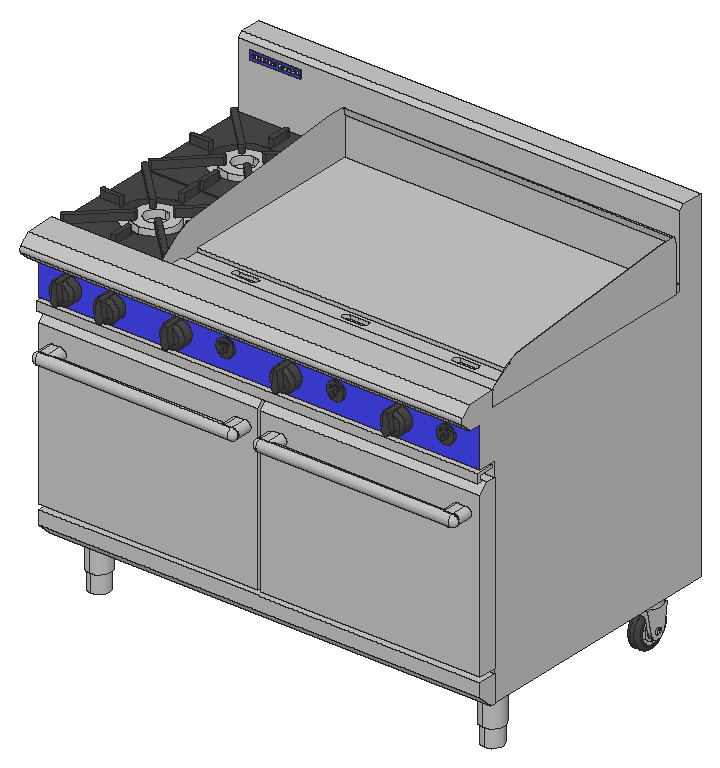
Revit family "QF_MOFFAT_BLUESEAL_CE_G528A", category Specialty Equipment, Revit 2012 (continued)
Definition of nested family "WALDORF LOGO_FACE BASE"
  Forms (mm)
    Extrusion 3, solid, material "QF_Finishes_White", visible <- "Show Logo"
      sketch origin (0, -33.217, 1.588) x (1, 0, 0) y (0, 1, 0)
        loop
          line (31.62, 25.919) -> (31.62, 17.163) -> (43.046, 17.163) -> (43.046, 19.129) -> (37.388, 19.129) -> (37.388, 25.919) -> (31.62, 25.919)
        loop
          line (15.969, 25.919) -> (15.969, 17.163) -> (28.693, 17.163)
          arc (28.693, 17.163) -> (29.812, 17.627) -> (30.276, 18.746) r 1.582
          line (30.276, 18.746) -> (30.276, 20.447) -> (29.48, 21.243) -> (30.276, 22.039) -> (30.276, 24.332)
          arc (30.276, 24.332) -> (29.811, 25.454) -> (28.688, 25.919) r 1.587
          line (28.688, 25.919) -> (15.969, 25.919)
        loop
          line (21.449, 24.159) -> (21.449, 22.436) -> (23.862, 22.436)
          arc (23.862, 22.436) -> (24.723, 23.298) -> (23.862, 24.159) r 0.861
          line (23.862, 24.159) -> (21.449, 24.159)
        loop
          line (21.449, 20.244) -> (21.449, 18.522) -> (23.862, 18.522)
          arc (23.862, 18.522) -> (24.723, 19.383) -> (23.862, 20.244) r 0.861
          line (23.862, 20.244) -> (21.449, 20.244)
      from 0 to 0.2
    Extrusion 4, solid, material "QF_Finishes_Blue", visible <- "Show Logo"
      sketch origin (-126.498, -31.09, 1.588) x (1, 0, 0) y (0, 1, 0)
        loop
          line (136.738, 23.522) -> (136.738, 15.1)
          arc (136.738, 15.1) -> (140.756, 19.311) -> (136.738, 23.522) r 4.216
      from 0 to 0.2
    Extrusion 5, solid, material "QF_Finishes_Red", visible <- "Show Logo"
      sketch origin (146.849, -31.09, 1.588) x (-1, 0, 0) y (0, -1, 0)
        loop
          arc (136.738, -23.522) -> (140.756, -19.311) -> (136.738, -15.1) r 4.216
          line (136.738, -15.1) -> (136.738, -23.522)
      from 0 to 0.2
  Lines and regions (mm)
    Split face 1
      outline origin (-90.35, -30.793, 1.588) x (1, 0, 0) y (0, 1, 0)
        loop
          circle (100.54, 19.013) r 4.536
  Dimensions and locks
    aligned and locked: plane 2 to Extrusion 1
    aligned and locked: level to Extrusion 1
Definition of nested family "GAS BURNER 300 & GRIDDLE 900"
  Parameters (values of type "GAS BURNER 300 & GRIDDLE 900")
    Width [instance] = 1200 mm
    Weight in Pounds = 0
    URL Cutsheet = ""
    Type Mark [instance] = ""
    Status [instance] = ""
    Specification by User [instance] = ""
    Specification by Manufacturer = ""
    Serial Number = ""
    Seismic Rating = ""
    SMACNA No = ""
    Revision Code [instance] = ""
    Omniclass Number and Title = ""
    NAFEM Spec ID Number = ""
    Masterspec = ""
    Item Number [instance] = ""
    Installed By [instance] = ""
    Identify Quantity as Lot [instance] = yes
    Furnished By [instance] = ""
    Foodservice Equipment Identifier [instance] = yes
    Depth [instance] = 635 mm
    CSI MasterFormat = ""
    CSI Master Format = ""
  Reference planes
    plane 1 "BACK": y = 0
    plane 2: z = 0
    plane 3 "LEFT": x = 0
    plane 4 "RIGHT": x = 1200
    plane 5 "FRONT": y = -635
    plane 6 "TOP": z = 142.5
    plane 7 "Center Y": x = 600
    plane 8 "Center X": y = -317.5
  Dimensions and locks
    equal spacing: plane 3 "LEFT", plane 7 "Center Y", plane 4 "RIGHT"
    "Width": plane 3 "LEFT" to plane 4 "RIGHT"
    equal spacing: plane 5 "FRONT", plane 8 "Center X", plane 1 "BACK"
    "Depth": plane 5 "FRONT" to plane 1 "BACK"
    aligned and locked: level to plane 2
  Nested families
    nested 1: "GAS BURNER 300 & GRIDDLE 600" at (-1, 0, 0), type "GAS BURNER 300 & GRIDDLE 600"
      with Width 300 mm, Type Mark "", Status "", Specification by User "", Revision Code "", Item Number "", Installed By "", Identify Quantity as Lot yes, Furnished By "", Foodservice Equipment Identifier yes, Depth 635 mm
    nested 2: "GAS GRIDDLE PLATE 900" at (300, -15, 0), type "GAS GRIDDLE PLATE 900"
      with Width 900 mm, Type Mark "", Status "", Specification by User "", Revision Code "", Item Number "", Installed By "", Identify Quantity as Lot yes, Furnished By "", Foodservice Equipment Identifier yes, Depth 620 mm
  Definition of nested family "GAS BURNER 300 & GRIDDLE 600"
    Parameters (values of type "GAS BURNER 300 & GRIDDLE 600")
      Width [instance] = 300 mm
      Weight in Pounds = 0
      URL Cutsheet = ""
      Type Mark [instance] = ""
      Status [instance] = ""
      Specification by User [instance] = ""
      Specification by Manufacturer = ""
      Serial Number = ""
      Seismic Rating = ""
      SMACNA No = ""
      Revision Code [instance] = ""
      Omniclass Number and Title = ""
      NAFEM Spec ID Number = ""
      Masterspec = ""
      Item Number [instance] = ""
      Installed By [instance] = ""
      Identify Quantity as Lot [instance] = yes
      Furnished By [instance] = ""
      Foodservice Equipment Identifier [instance] = yes
      Depth [instance] = 635 mm
      CSI MasterFormat = ""
      CSI Master Format = ""
    Reference planes
      plane 1 "BACK": y = 0
      plane 2: z = 0
      plane 3 "LEFT": x = 0
      plane 4 "RIGHT": x = 300
      plane 5 "FRONT": y = -635
      plane 6 "TOP": z = 142.5
      plane 7 "Center Y": x = 150
      plane 8 "Center X": y = -317.5
    Forms (mm)
      Extrusion 1, solid, material "QF_Finishes_Black"
        sketch origin (0, 0, 0) x (0, -1, 0) y (1, 0, 0)
          loop
            line (318.5, 4) -> (318.5, 296)
            arc (318.5, 296) -> (317.621, 298.121) -> (315.5, 299) r 3
            line (315.5, 299) -> (3, 299)
            arc (3, 299) -> (0.879, 298.121) -> (0, 296) r 3
            line (0, 296) -> (0, 4)
            arc (0, 4) -> (0.879, 1.879) -> (3, 1) r 3
            line (3, 1) -> (315.5, 1)
            arc (315.5, 1) -> (317.621, 1.879) -> (318.5, 4) r 3
          loop
            line (324.5, 1) -> (632, 1)
            arc (632, 1) -> (634.121, 1.879) -> (635, 4) r 3
            line (635, 4) -> (635, 296)
            arc (635, 296) -> (634.121, 298.121) -> (632, 299) r 3
            line (632, 299) -> (324.5, 299)
            arc (324.5, 299) -> (322.379, 298.121) -> (321.5, 296) r 3
            line (321.5, 296) -> (321.5, 4)
            arc (321.5, 4) -> (322.379, 1.879) -> (324.5, 1) r 3
          loop
            circle (168.5, 149.991) r 84.082
          loop
            circle (468.5, 149.991) r 84.082
        from 0 to 19.5
      Extrusion 2, solid, material "QF_Finishes_Black"
        sketch origin (0, 0, 19.5) x (0, -1, 0) y (1, 0, 0)
          loop
            spline (326.102, 15.153) -> (325.181, 13.924) -> (324.631, 12.47) -> (324.49, 10.89) -> (324.767, 9.292) -> (325.443, 7.786) -> (326.473, 6.473) -> (327.786, 5.443) -> (329.292, 4.767) -> (330.89, 4.49) -> (332.47, 4.631) -> (333.924, 5.181) -> (335.153, 6.102)
            line (335.153, 6.102) -> (443.076, 114.025)
            spline (443.076, 114.025) -> (443.837, 115.095) -> (444.238, 116.399) -> (444.251, 117.851) -> (443.875, 119.35) -> (443.137, 120.795) -> (442.086, 122.086) -> (440.795, 123.137) -> (439.35, 123.875) -> (437.851, 124.251) -> (436.399, 124.238) -> (435.095, 123.837) -> (434.025, 123.076)
            line (434.025, 123.076) -> (326.102, 15.153)
          loop
            spline (328.898, 156.4) -> (327.604, 156.182) -> (326.398, 155.543) -> (325.362, 154.525) -> (324.568, 153.2) -> (324.068, 151.656) -> (323.898, 150) -> (324.068, 148.344) -> (324.568, 146.8) -> (325.362, 145.475) -> (326.398, 144.457) -> (327.604, 143.818) -> (328.898, 143.6)
            line (328.898, 143.6) -> (378.102, 143.6)
            spline (378.102, 143.6) -> (379.396, 143.818) -> (380.602, 144.457) -> (381.638, 145.475) -> (382.432, 146.8) -> (382.932, 148.344) -> (383.102, 150) -> (382.932, 151.656) -> (382.432, 153.2) -> (381.638, 154.525) -> (380.602, 155.543) -> (379.396, 156.182) -> (378.102, 156.4)
            line (378.102, 156.4) -> (328.898, 156.4)
          loop
            spline (335.153, 293.898) -> (334.084, 294.659) -> (332.779, 295.059) -> (331.328, 295.072) -> (329.829, 294.697) -> (328.384, 293.959) -> (327.092, 292.908) -> (326.041, 291.616) -> (325.303, 290.171) -> (324.928, 288.672) -> (324.941, 287.221) -> (325.341, 285.916) -> (326.102, 284.847)
            line (326.102, 284.847) -> (434.025, 176.924)
            spline (434.025, 176.924) -> (435.095, 176.163) -> (436.399, 175.762) -> (437.851, 175.749) -> (439.35, 176.125) -> (440.795, 176.863) -> (442.086, 177.914) -> (443.137, 179.205) -> (443.875, 180.65) -> (444.251, 182.149) -> (444.238, 183.601) -> (443.837, 184.905) -> (443.076, 185.975)
            line (443.076, 185.975) -> (335.153, 293.898)
          loop
            line (463.6, 291.102) -> (463.6, 241.898)
            spline (463.6, 241.898) -> (463.818, 240.604) -> (464.457, 239.398) -> (465.475, 238.362) -> (466.8, 237.568) -> (468.344, 237.068) -> (470, 236.898) -> (471.656, 237.068) -> (473.2, 237.568) -> (474.525, 238.362) -> (475.543, 239.398) -> (476.182, 240.604) -> (476.4, 241.898)
            line (476.4, 241.898) -> (476.4, 291.102)
            spline (476.4, 291.102) -> (476.182, 292.396) -> (475.543, 293.602) -> (474.525, 294.638) -> (473.2, 295.432) -> (471.656, 295.932) -> (470, 296.102) -> (468.344, 295.932) -> (466.8, 295.432) -> (465.475, 294.638) -> (464.457, 293.602) -> (463.818, 292.396) -> (463.6, 291.102)
          loop
            spline (612.398, 284.847) -> (613.159, 285.916) -> (613.559, 287.221) -> (613.572, 288.672) -> (613.197, 290.171) -> (612.459, 291.616) -> (611.408, 292.908) -> (610.116, 293.959) -> (608.671, 294.697) -> (607.172, 295.072) -> (605.721, 295.059) -> (604.416, 294.659) -> (603.347, 293.898)
            line (603.347, 293.898) -> (496.924, 185.975)
            spline (496.924, 185.975) -> (496.163, 184.905) -> (495.762, 183.601) -> (495.749, 182.149) -> (496.125, 180.65) -> (496.863, 179.205) -> (497.914, 177.914) -> (499.205, 176.863) -> (500.65, 176.125) -> (502.149, 175.749) -> (503.601, 175.762) -> (504.905, 176.163) -> (505.975, 176.924)
            line (505.975, 176.924) -> (612.398, 284.847)
          loop
            spline (609.602, 143.6) -> (610.896, 143.818) -> (612.102, 144.457) -> (613.138, 145.475) -> (613.932, 146.8) -> (614.432, 148.344) -> (614.602, 150) -> (614.432, 151.656) -> (613.932, 153.2) -> (613.138, 154.525) -> (612.102, 155.543) -> (610.896, 156.182) -> (609.602, 156.4)
            line (609.602, 156.4) -> (561.898, 156.4)
            spline (561.898, 156.4) -> (560.604, 156.182) -> (559.398, 155.543) -> (558.362, 154.525) -> (557.568, 153.2) -> (557.068, 151.656) -> (556.898, 150) -> (557.068, 148.344) -> (557.568, 146.8) -> (558.362, 145.475) -> (559.398, 144.457) -> (560.604, 143.818) -> (561.898, 143.6)
            line (561.898, 143.6) -> (609.602, 143.6)
          loop
            line (612.398, 15.153) -> (505.975, 123.076)
            spline (505.975, 123.076) -> (504.905, 123.837) -> (503.601, 124.238) -> (502.149, 124.251) -> (500.65, 123.875) -> (499.205, 123.137) -> (497.914, 122.086) -> (496.863, 120.795) -> (496.125, 119.35) -> (495.749, 117.851) -> (495.762, 116.399) -> (496.163, 115.095) -> (496.924, 114.025)
            line (496.924, 114.025) -> (603.347, 6.102)
            spline (603.347, 6.102) -> (604.416, 5.341) -> (605.721, 4.941) -> (607.172, 4.928) -> (608.671, 5.303) -> (610.116, 6.041) -> (611.408, 7.092) -> (612.459, 8.384) -> (613.197, 9.829) -> (613.572, 11.328) -> (613.559, 12.779) -> (613.159, 14.084) -> (612.398, 15.153)
          loop
            line (476.4, 8.898) -> (476.4, 58.102)
            spline (476.4, 58.102) -> (476.182, 59.396) -> (475.543, 60.602) -> (474.525, 61.638) -> (473.2, 62.432) -> (471.656, 62.932) -> (470, 63.102) -> (468.344, 62.932) -> (466.8, 62.432) -> (465.475, 61.638) -> (464.457, 60.602) -> (463.818, 59.396) -> (463.6, 58.102)
            line (463.6, 58.102) -> (463.6, 8.898)
            spline (463.6, 8.898) -> (463.818, 7.604) -> (464.457, 6.398) -> (465.475, 5.362) -> (466.8, 4.568) -> (468.344, 4.068) -> (470, 3.898) -> (471.656, 4.068) -> (473.2, 4.568) -> (474.525, 5.362) -> (475.543, 6.398) -> (476.182, 7.604) -> (476.4, 8.898)
          loop
            spline (22.602, 15.153) -> (21.681, 13.924) -> (21.131, 12.47) -> (20.99, 10.89) -> (21.267, 9.292) -> (21.943, 7.786) -> (22.973, 6.473) -> (24.286, 5.443) -> (25.792, 4.767) -> (27.39, 4.49) -> (28.97, 4.631) -> (30.424, 5.181) -> (31.653, 6.102)
            line (31.653, 6.102) -> (139.576, 114.025)
            spline (139.576, 114.025) -> (140.337, 115.095) -> (140.738, 116.399) -> (140.751, 117.851) -> (140.375, 119.35) -> (139.637, 120.795) -> (138.586, 122.086) -> (137.295, 123.137) -> (135.85, 123.875) -> (134.351, 124.251) -> (132.899, 124.238) -> (131.595, 123.837) -> (130.525, 123.076)
            line (130.525, 123.076) -> (22.602, 15.153)
          loop
            spline (25.398, 156.4) -> (24.104, 156.182) -> (22.898, 155.543) -> (21.862, 154.525) -> (21.068, 153.2) -> (20.568, 151.656) -> (20.398, 150) -> (20.568, 148.344) -> (21.068, 146.8) -> (21.862, 145.475) -> (22.898, 144.457) -> (24.104, 143.818) -> (25.398, 143.6)
            line (25.398, 143.6) -> (74.602, 143.6)
            spline (74.602, 143.6) -> (75.896, 143.818) -> (77.102, 144.457) -> (78.138, 145.475) -> (78.932, 146.8) -> (79.432, 148.344) -> (79.602, 150) -> (79.432, 151.656) -> (78.932, 153.2) -> (78.138, 154.525) -> (77.102, 155.543) -> (75.896, 156.182) -> (74.602, 156.4)
            line (74.602, 156.4) -> (25.398, 156.4)
          loop
            spline (31.653, 293.898) -> (30.584, 294.659) -> (29.279, 295.059) -> (27.828, 295.072) -> (26.329, 294.697) -> (24.884, 293.959) -> (23.592, 292.908) -> (22.541, 291.616) -> (21.803, 290.171) -> (21.428, 288.672) -> (21.441, 287.221) -> (21.841, 285.916) -> (22.602, 284.847)
            line (22.602, 284.847) -> (130.525, 176.924)
            spline (130.525, 176.924) -> (131.595, 176.163) -> (132.899, 175.762) -> (134.351, 175.749) -> (135.85, 176.125) -> (137.295, 176.863) -> (138.586, 177.914) -> (139.637, 179.205) -> (140.375, 180.65) -> (140.751, 182.149) -> (140.738, 183.601) -> (140.337, 184.905) -> (139.576, 185.975)
            line (139.576, 185.975) -> (31.653, 293.898)
          loop
            line (160.1, 291.102) -> (160.1, 241.898)
            spline (160.1, 241.898) -> (160.318, 240.604) -> (160.957, 239.398) -> (161.975, 238.362) -> (163.3, 237.568) -> (164.844, 237.068) -> (166.5, 236.898) -> (168.156, 237.068) -> (169.7, 237.568) -> (171.025, 238.362) -> (172.043, 239.398) -> (172.682, 240.604) -> (172.9, 241.898)
            line (172.9, 241.898) -> (172.9, 291.102)
            spline (172.9, 291.102) -> (172.682, 292.396) -> (172.043, 293.602) -> (171.025, 294.638) -> (169.7, 295.432) -> (168.156, 295.932) -> (166.5, 296.102) -> (164.844, 295.932) -> (163.3, 295.432) -> (161.975, 294.638) -> (160.957, 293.602) -> (160.318, 292.396) -> (160.1, 291.102)
          loop
            spline (313.898, 284.847) -> (314.659, 285.916) -> (315.059, 287.221) -> (315.072, 288.672) -> (314.697, 290.171) -> (313.959, 291.616) -> (312.908, 292.908) -> (311.616, 293.959) -> (310.171, 294.697) -> (308.672, 295.072) -> (307.221, 295.059) -> (305.916, 294.659) -> (304.847, 293.898)
            line (304.847, 293.898) -> (193.424, 185.975)
            spline (193.424, 185.975) -> (192.663, 184.905) -> (192.262, 183.601) -> (192.249, 182.149) -> (192.625, 180.65) -> (193.363, 179.205) -> (194.414, 177.914) -> (195.705, 176.863) -> (197.15, 176.125) -> (198.649, 175.749) -> (200.101, 175.762) -> (201.405, 176.163) -> (202.475, 176.924)
            line (202.475, 176.924) -> (313.898, 284.847)
          loop
            spline (311.102, 143.6) -> (312.396, 143.818) -> (313.602, 144.457) -> (314.638, 145.475) -> (315.432, 146.8) -> (315.932, 148.344) -> (316.102, 150) -> (315.932, 151.656) -> (315.432, 153.2) -> (314.638, 154.525) -> (313.602, 155.543) -> (312.396, 156.182) -> (311.102, 156.4)
            line (311.102, 156.4) -> (261.898, 156.4)
            spline (261.898, 156.4) -> (260.604, 156.182) -> (259.398, 155.543) -> (258.362, 154.525) -> (257.568, 153.2) -> (257.068, 151.656) -> (256.898, 150) -> (257.068, 148.344) -> (257.568, 146.8) -> (258.362, 145.475) -> (259.398, 144.457) -> (260.604, 143.818) -> (261.898, 143.6)
            line (261.898, 143.6) -> (311.102, 143.6)
          loop
            line (313.898, 15.153) -> (202.475, 123.076)
            spline (202.475, 123.076) -> (201.405, 123.837) -> (200.101, 124.238) -> (198.649, 124.251) -> (197.15, 123.875) -> (195.705, 123.137) -> (194.414, 122.086) -> (193.363, 120.795) -> (192.625, 119.35) -> (192.249, 117.851) -> (192.262, 116.399) -> (192.663, 115.095) -> (193.424, 114.025)
            line (193.424, 114.025) -> (304.847, 6.102)
            spline (304.847, 6.102) -> (305.916, 5.341) -> (307.221, 4.941) -> (308.672, 4.928) -> (310.171, 5.303) -> (311.616, 6.041) -> (312.908, 7.092) -> (313.959, 8.384) -> (314.697, 9.829) -> (315.072, 11.328) -> (315.059, 12.779) -> (314.659, 14.084) -> (313.898, 15.153)
          loop
            line (172.9, 8.898) -> (172.9, 58.102)
            spline (172.9, 58.102) -> (172.682, 59.396) -> (172.043, 60.602) -> (171.025, 61.638) -> (169.7, 62.432) -> (168.156, 62.932) -> (166.5, 63.102) -> (164.844, 62.932) -> (163.3, 62.432) -> (161.975, 61.638) -> (160.957, 60.602) -> (160.318, 59.396) -> (160.1, 58.102)
            line (160.1, 58.102) -> (160.1, 8.898)
            spline (160.1, 8.898) -> (160.318, 7.604) -> (160.957, 6.398) -> (161.975, 5.362) -> (163.3, 4.568) -> (164.844, 4.068) -> (166.5, 3.898) -> (168.156, 4.068) -> (169.7, 4.568) -> (171.025, 5.362) -> (172.043, 6.398) -> (172.682, 7.604) -> (172.9, 8.898)
        from 0 to 20.5
      Extrusion 3, solid, material "QF_Finishes_Stainless Steel"
        sketch origin (0, -15.098, 0) x (0, -1, 0) y (1, 0, 0)
          loop
            circle (151.402, 150) r 57
          loop
            circle (451.402, 150) r 57
          loop
            circle (151.402, 150) r 30
          loop
            circle (451.402, 150) r 30
        from 0 to 20
    Lines and regions (mm)
      symbolic lines
        curve 1: line (284.847, -22.602, 0) -> (176.924, -130.525, 0)
        curve 2: spline (176.924, -130.525, 0) -> (176.163, -131.595, 0) -> (175.762, -132.899, 0) -> (175.749, -134.351, 0) -> (176.125, -135.85, 0) -> (176.863, -137.295, 0) -> (177.914, -138.586, 0) -> (179.205, -139.637, 0) -> (180.65, -140.375, 0) -> (182.149, -140.751, 0) -> (183.601, -140.738, 0) -> (184.905, -140.337, 0) -> (185.975, -139.576, 0)
        curve 3: line (185.975, -139.576, 0) -> (293.898, -31.653, 0)
        curve 4: spline (293.898, -31.653, 0) -> (294.659, -30.584, 0) -> (295.059, -29.279, 0) -> (295.072, -27.828, 0) -> (294.697, -26.329, 0) -> (293.959, -24.884, 0) -> (292.908, -23.592, 0) -> (291.616, -22.541, 0) -> (290.171, -21.803, 0) -> (288.672, -21.428, 0) -> (287.221, -21.441, 0) -> (285.916, -21.841, 0) -> (284.847, -22.602, 0)
        curve 5: line (291.102, -160.1, 0) -> (241.898, -160.1, 0)
        curve 6: spline (241.898, -160.1, 0) -> (240.604, -160.318, 0) -> (239.398, -160.957, 0) -> (238.362, -161.975, 0) -> (237.568, -163.3, 0) -> (237.068, -164.844, 0) -> (236.898, -166.5, 0) -> (237.068, -168.156, 0) -> (237.568, -169.7, 0) -> (238.362, -171.025, 0) -> (239.398, -172.043, 0) -> (240.604, -172.682, 0) -> (241.898, -172.9, 0)
        curve 7: line (241.898, -172.9, 0) -> (291.102, -172.9, 0)
        curve 8: arc (150, -223.5, 0) -> (168.725, -220.336, 0) -> (185.372, -211.197, 0) r 57
        curve 9: arc (150, -109.5, 0) -> (131.183, -112.696, 0) -> (114.475, -121.924, 0) r 57
        curve 10: arc (149.991, -84.418, 0) -> (178.523, -89.406, 0) -> (203.668, -103.781, 0) r 84.082
        curve 11: arc (149.991, -252.582, 0) -> (120.441, -247.219, 0) -> (94.661, -231.812, 0) r 84.082
        curve 12: line (156.4, -74.602, 0) -> (156.4, -25.398, 0)
        curve 13: spline (156.4, -25.398, 0) -> (156.182, -24.104, 0) -> (155.543, -22.898, 0) -> (154.525, -21.862, 0) -> (153.2, -21.068, 0) -> (151.656, -20.568, 0) -> (150, -20.398, 0) -> (148.344, -20.568, 0) -> (146.8, -21.068, 0) -> (145.475, -21.862, 0) -> (144.457, -22.898, 0) -> (143.818, -24.104, 0) -> (143.6, -25.398, 0)
        curve 14: line (143.6, -25.398, 0) -> (143.6, -74.602, 0)
        curve 15: spline (143.6, -74.602, 0) -> (143.818, -75.896, 0) -> (144.457, -77.102, 0) -> (145.475, -78.138, 0) -> (146.8, -78.932, 0) -> (148.344, -79.432, 0) -> (150, -79.602, 0) -> (151.656, -79.432, 0) -> (153.2, -78.932, 0) -> (154.525, -78.138, 0) -> (155.543, -77.102, 0) -> (156.182, -75.896, 0) -> (156.4, -74.602, 0)
        curve 16: line (296, 0, 0) -> (4, 0, 0)
        curve 17: arc (4, 0, 0) -> (1.879, -0.879, 0) -> (1, -3, 0) r 3
        curve 18: line (1, -3, 0) -> (1, -315.5, 0)
        curve 19: arc (1, -315.5, 0) -> (1.879, -317.621, 0) -> (4, -318.5, 0) r 3
        curve 20: line (4, -318.5, 0) -> (296, -318.5, 0)
        curve 21: line (296, -321.5, 0) -> (4, -321.5, 0)
        curve 22: arc (4, -321.5, 0) -> (1.879, -322.379, 0) -> (1, -324.5, 0) r 3
        curve 23: line (1, -324.5, 0) -> (1, -632, 0)
        curve 24: arc (1, -632, 0) -> (1.879, -634.121, 0) -> (4, -635, 0) r 3
        curve 25: line (4, -635, 0) -> (296, -635, 0)
        curve 26: line (293.898, -304.847, 0) -> (185.975, -193.424, 0)
        curve 27: spline (185.975, -193.424, 0) -> (184.905, -192.663, 0) -> (183.601, -192.262, 0) -> (182.149, -192.249, 0) -> (180.65, -192.625, 0) -> (179.205, -193.363, 0) -> (177.914, -194.414, 0) -> (176.863, -195.705, 0) -> (176.125, -197.15, 0) -> (175.749, -198.649, 0) -> (175.762, -200.101, 0) -> (176.163, -201.405, 0) -> (176.924, -202.475, 0)
        curve 28: line (176.924, -202.475, 0) -> (284.847, -313.898, 0)
        curve 29: spline (284.847, -313.898, 0) -> (285.916, -314.659, 0) -> (287.221, -315.059, 0) -> (288.672, -315.072, 0) -> (290.171, -314.697, 0) -> (291.616, -313.959, 0) -> (292.908, -312.908, 0) -> (293.959, -311.616, 0) -> (294.697, -310.171, 0) -> (295.072, -308.672, 0) -> (295.059, -307.221, 0) -> (294.659, -305.916, 0) -> (293.898, -304.847, 0)
        curve 30: line (15.153, -313.898, 0) -> (123.076, -202.475, 0)
        curve 31: spline (123.076, -202.475, 0) -> (123.837, -201.405, 0) -> (124.238, -200.101, 0) -> (124.251, -198.649, 0) -> (123.875, -197.15, 0) -> (123.137, -195.705, 0) -> (122.086, -194.414, 0) -> (120.795, -193.363, 0) -> (119.35, -192.625, 0) -> (117.851, -192.249, 0) -> (116.399, -192.262, 0) -> (115.095, -192.663, 0) -> (114.025, -193.424, 0)
        curve 32: line (114.025, -193.424, 0) -> (6.102, -304.847, 0)
        curve 33: spline (6.102, -304.847, 0) -> (5.341, -305.916, 0) -> (4.941, -307.221, 0) -> (4.928, -308.672, 0) -> (5.303, -310.171, 0) -> (6.041, -311.616, 0) -> (7.092, -312.908, 0) -> (8.384, -313.959, 0) -> (9.829, -314.697, 0) -> (11.328, -315.072, 0) -> (12.779, -315.059, 0) -> (14.084, -314.659, 0) -> (15.153, -313.898, 0)
        curve 34: line (8.898, -172.9, 0) -> (58.102, -172.9, 0)
        curve 35: spline (58.102, -172.9, 0) -> (59.396, -172.682, 0) -> (60.602, -172.043, 0) -> (61.638, -171.025, 0) -> (62.432, -169.7, 0) -> (62.932, -168.156, 0) -> (63.102, -166.5, 0) -> (62.932, -164.844, 0) -> (62.432, -163.3, 0) -> (61.638, -161.975, 0) -> (60.602, -160.957, 0) -> (59.396, -160.318, 0) -> (58.102, -160.1, 0)
        curve 36: line (58.102, -160.1, 0) -> (8.898, -160.1, 0)
        curve 37: spline (8.898, -160.1, 0) -> (7.604, -160.318, 0) -> (6.398, -160.957, 0) -> (5.362, -161.975, 0) -> (4.568, -163.3, 0) -> (4.068, -164.844, 0) -> (3.898, -166.5, 0) -> (4.068, -168.156, 0) -> (4.568, -169.7, 0) -> (5.362, -171.025, 0) -> (6.398, -172.043, 0) -> (7.604, -172.682, 0) -> (8.898, -172.9, 0)
        curve 38: line (6.102, -31.653, 0) -> (114.025, -139.576, 0)
        curve 39: spline (114.025, -139.576, 0) -> (115.095, -140.337, 0) -> (116.399, -140.738, 0) -> (117.851, -140.751, 0) -> (119.35, -140.375, 0) -> (120.795, -139.637, 0) -> (122.086, -138.586, 0) -> (123.137, -137.295, 0) -> (123.875, -135.85, 0) -> (124.251, -134.351, 0) -> (124.238, -132.899, 0) -> (123.837, -131.595, 0) -> (123.076, -130.525, 0)
        curve 40: line (123.076, -130.525, 0) -> (15.153, -22.602, 0)
        curve 41: spline (15.153, -22.602, 0) -> (13.924, -21.681, 0) -> (12.47, -21.131, 0) -> (10.89, -20.99, 0) -> (9.292, -21.267, 0) -> (7.786, -21.943, 0) -> (6.473, -22.973, 0) -> (5.443, -24.286, 0) -> (4.767, -25.792, 0) -> (4.49, -27.39, 0) -> (4.631, -28.97, 0) -> (5.181, -30.424, 0) -> (6.102, -31.653, 0)
        curve 42: arc (150, -136.5, 0) -> (180, -166.5, 0) -> (150, -196.5, 0) r 30
        curve 43: arc (150, -196.5, 0) -> (120, -166.5, 0) -> (150, -136.5, 0) r 30
        curve 44: line (156.4, -311.102, 0) -> (156.4, -261.898, 0)
        curve 45: spline (156.4, -261.898, 0) -> (156.182, -260.604, 0) -> (155.543, -259.398, 0) -> (154.525, -258.362, 0) -> (153.2, -257.568, 0) -> (151.656, -257.068, 0) -> (150, -256.898, 0) -> (148.344, -257.068, 0) -> (146.8, -257.568, 0) -> (145.475, -258.362, 0) -> (144.457, -259.398, 0) -> (143.818, -260.604, 0) -> (143.6, -261.898, 0)
        curve 46: line (143.6, -261.898, 0) -> (143.6, -311.102, 0)
        curve 47: spline (143.6, -311.102, 0) -> (143.818, -312.396, 0) -> (144.457, -313.602, 0) -> (145.475, -314.638, 0) -> (146.8, -315.432, 0) -> (148.344, -315.932, 0) -> (150, -316.102, 0) -> (151.656, -315.932, 0) -> (153.2, -315.432, 0) -> (154.525, -314.638, 0) -> (155.543, -313.602, 0) -> (156.182, -312.396, 0) -> (156.4, -311.102, 0)
        curve 48: line (156.4, -378.102, 0) -> (156.4, -328.898, 0)
        curve 49: spline (156.4, -328.898, 0) -> (156.182, -327.604, 0) -> (155.543, -326.398, 0) -> (154.525, -325.362, 0) -> (153.2, -324.568, 0) -> (151.656, -324.068, 0) -> (150, -323.898, 0) -> (148.344, -324.068, 0) -> (146.8, -324.568, 0) -> (145.475, -325.362, 0) -> (144.457, -326.398, 0) -> (143.818, -327.604, 0) -> (143.6, -328.898, 0)
        curve 50: line (143.6, -328.898, 0) -> (143.6, -378.102, 0)
        curve 51: spline (143.6, -378.102, 0) -> (143.818, -379.396, 0) -> (144.457, -380.602, 0) -> (145.475, -381.638, 0) -> (146.8, -382.432, 0) -> (148.344, -382.932, 0) -> (150, -383.102, 0) -> (151.656, -382.932, 0) -> (153.2, -382.432, 0) -> (154.525, -381.638, 0) -> (155.543, -380.602, 0) -> (156.182, -379.396, 0) -> (156.4, -378.102, 0)
        curve 52: line (284.847, -326.102, 0) -> (176.924, -434.025, 0)
        curve 53: spline (176.924, -434.025, 0) -> (176.163, -435.095, 0) -> (175.762, -436.399, 0) -> (175.749, -437.851, 0) -> (176.125, -439.35, 0) -> (176.863, -440.795, 0) -> (177.914, -442.086, 0) -> (179.205, -443.137, 0) -> (180.65, -443.875, 0) -> (182.149, -444.251, 0) -> (183.601, -444.238, 0) -> (184.905, -443.837, 0) -> (185.975, -443.076, 0)
        curve 54: line (185.975, -443.076, 0) -> (293.898, -335.153, 0)
        curve 55: spline (293.898, -335.153, 0) -> (294.659, -334.084, 0) -> (295.059, -332.779, 0) -> (295.072, -331.328, 0) -> (294.697, -329.829, 0) -> (293.959, -328.384, 0) -> (292.908, -327.092, 0) -> (291.616, -326.041, 0) -> (290.171, -325.303, 0) -> (288.672, -324.928, 0) -> (287.221, -324.941, 0) -> (285.916, -325.341, 0) -> (284.847, -326.102, 0)
        curve 56: line (123.076, -434.025, 0) -> (15.153, -326.102, 0)
        curve 57: spline (15.153, -326.102, 0) -> (13.924, -325.181, 0) -> (12.47, -324.631, 0) -> (10.89, -324.49, 0) -> (9.292, -324.767, 0) -> (7.786, -325.443, 0) -> (6.473, -326.473, 0) -> (5.443, -327.786, 0) -> (4.767, -329.292, 0) -> (4.49, -330.89, 0) -> (4.631, -332.47, 0) -> (5.181, -333.924, 0) -> (6.102, -335.153, 0)
        curve 58: line (6.102, -335.153, 0) -> (114.025, -443.076, 0)
        curve 59: spline (114.025, -443.076, 0) -> (115.095, -443.837, 0) -> (116.399, -444.238, 0) -> (117.851, -444.251, 0) -> (119.35, -443.875, 0) -> (120.795, -443.137, 0) -> (122.086, -442.086, 0) -> (123.137, -440.795, 0) -> (123.875, -439.35, 0) -> (124.251, -437.851, 0) -> (124.238, -436.399, 0) -> (123.837, -435.095, 0) -> (123.076, -434.025, 0)
        curve 60: line (58.102, -463.6, 0) -> (8.898, -463.6, 0)
        curve 61: spline (8.898, -463.6, 0) -> (7.604, -463.818, 0) -> (6.398, -464.457, 0) -> (5.362, -465.475, 0) -> (4.568, -466.8, 0) -> (4.068, -468.344, 0) -> (3.898, -470, 0) -> (4.068, -471.656, 0) -> (4.568, -473.2, 0) -> (5.362, -474.525, 0) -> (6.398, -475.543, 0) -> (7.604, -476.182, 0) -> (8.898, -476.4, 0)
        curve 62: line (8.898, -476.4, 0) -> (58.102, -476.4, 0)
        curve 63: spline (58.102, -476.4, 0) -> (59.396, -476.182, 0) -> (60.602, -475.543, 0) -> (61.638, -474.525, 0) -> (62.432, -473.2, 0) -> (62.932, -471.656, 0) -> (63.102, -470, 0) -> (62.932, -468.344, 0) -> (62.432, -466.8, 0) -> (61.638, -465.475, 0) -> (60.602, -464.457, 0) -> (59.396, -463.818, 0) -> (58.102, -463.6, 0)
        curve 64: line (114.025, -496.924, 0) -> (6.102, -603.347, 0)
        curve 65: spline (6.102, -603.347, 0) -> (5.341, -604.416, 0) -> (4.941, -605.721, 0) -> (4.928, -607.172, 0) -> (5.303, -608.671, 0) -> (6.041, -610.116, 0) -> (7.092, -611.408, 0) -> (8.384, -612.459, 0) -> (9.829, -613.197, 0) -> (11.328, -613.572, 0) -> (12.779, -613.559, 0) -> (14.084, -613.159, 0) -> (15.153, -612.398, 0)
        curve 66: line (15.153, -612.398, 0) -> (123.076, -505.975, 0)
        curve 67: spline (123.076, -505.975, 0) -> (123.837, -504.905, 0) -> (124.238, -503.601, 0) -> (124.251, -502.149, 0) -> (123.875, -500.65, 0) -> (123.137, -499.205, 0) -> (122.086, -497.914, 0) -> (120.795, -496.863, 0) -> (119.35, -496.125, 0) -> (117.851, -495.749, 0) -> (116.399, -495.762, 0) -> (115.095, -496.163, 0) -> (114.025, -496.924, 0)
        curve 68: line (156.4, -609.602, 0) -> (156.4, -561.898, 0)
        curve 69: spline (156.4, -561.898, 0) -> (156.182, -560.604, 0) -> (155.543, -559.398, 0) -> (154.525, -558.362, 0) -> (153.2, -557.568, 0) -> (151.656, -557.068, 0) -> (150, -556.898, 0) -> (148.344, -557.068, 0) -> (146.8, -557.568, 0) -> (145.475, -558.362, 0) -> (144.457, -559.398, 0) -> (143.818, -560.604, 0) -> (143.6, -561.898, 0)
        curve 70: line (143.6, -561.898, 0) -> (143.6, -609.602, 0)
        curve 71: spline (143.6, -609.602, 0) -> (143.818, -610.896, 0) -> (144.457, -612.102, 0) -> (145.475, -613.138, 0) -> (146.8, -613.932, 0) -> (148.344, -614.432, 0) -> (150, -614.602, 0) -> (151.656, -614.432, 0) -> (153.2, -613.932, 0) -> (154.525, -613.138, 0) -> (155.543, -612.102, 0) -> (156.182, -610.896, 0) -> (156.4, -609.602, 0)
        curve 72: line (176.924, -505.975, 0) -> (284.847, -612.398, 0)
        curve 73: spline (284.847, -612.398, 0) -> (285.916, -613.159, 0) -> (287.221, -613.559, 0) -> (288.672, -613.572, 0) -> (290.171, -613.197, 0) -> (291.616, -612.459, 0) -> (292.908, -611.408, 0) -> (293.959, -610.116, 0) -> (294.697, -608.671, 0) -> (295.072, -607.172, 0) -> (295.059, -605.721, 0) -> (294.659, -604.416, 0) -> (293.898, -603.347, 0)
        curve 74: line (293.898, -603.347, 0) -> (185.975, -496.924, 0)
        curve 75: spline (185.975, -496.924, 0) -> (184.905, -496.163, 0) -> (183.601, -495.762, 0) -> (182.149, -495.749, 0) -> (180.65, -496.125, 0) -> (179.205, -496.863, 0) -> (177.914, -497.914, 0) -> (176.863, -499.205, 0) -> (176.125, -500.65, 0) -> (175.749, -502.149, 0) -> (175.762, -503.601, 0) -> (176.163, -504.905, 0) -> (176.924, -505.975, 0)
        curve 76: arc (149.991, -384.418, 0) -> (179.687, -389.836, 0) -> (205.556, -405.393, 0) r 84.082
        curve 77: arc (149.991, -552.582, 0) -> (121.173, -547.489, 0) -> (95.845, -532.827, 0) r 84.082
        curve 78: arc (150, -523.5, 0) -> (167.666, -520.693, 0) -> (183.592, -512.55, 0) r 57
        curve 79: arc (150, -409.5, 0) -> (130.014, -413.119, 0) -> (112.566, -423.515, 0) r 57
        curve 80: arc (150, -436.5, 0) -> (180, -466.5, 0) -> (150, -496.5, 0) r 30
        curve 81: arc (150, -496.5, 0) -> (120, -466.5, 0) -> (150, -436.5, 0) r 30
        curve 82: line (291.102, -463.6, 0) -> (241.898, -463.6, 0)
        curve 83: spline (241.898, -463.6, 0) -> (240.604, -463.818, 0) -> (239.398, -464.457, 0) -> (238.362, -465.475, 0) -> (237.568, -466.8, 0) -> (237.068, -468.344, 0) -> (236.898, -470, 0) -> (237.068, -471.656, 0) -> (237.568, -473.2, 0) -> (238.362, -474.525, 0) -> (239.398, -475.543, 0) -> (240.604, -476.182, 0) -> (241.898, -476.4, 0)
        curve 84: line (241.898, -476.4, 0) -> (291.102, -476.4, 0)
        curve 85: arc (96.324, -103.773, 0) -> (121.466, -89.404, 0) -> (149.991, -84.418, 0) r 84.082
        curve 86: arc (212.871, -112.68, 0) -> (234.066, -167.408, 0) -> (214.3, -222.668, 0) r 84.082
        curve 87: arc (194.454, -202.178, 0) -> (207, -166.598, 0) -> (194.576, -130.975, 0) r 57
        curve 88: arc (114.628, -211.197, 0) -> (131.275, -220.336, 0) -> (150, -223.5, 0) r 57
        curve 89: arc (105.424, -130.975, 0) -> (93, -166.598, 0) -> (105.546, -202.178, 0) r 57
        curve 90: arc (187.434, -423.515, 0) -> (169.986, -413.119, 0) -> (150, -409.5, 0) r 57
        curve 91: arc (103.911, -432.962, 0) -> (93.053, -468.956, 0) -> (106.969, -503.881, 0) r 57
        curve 92: arc (109.732, -506.842, 0) -> (110.614, -507.704, 0) -> (111.516, -508.547, 0) r 57
        curve 93: arc (193.031, -503.881, 0) -> (206.947, -468.956, 0) -> (196.089, -432.962, 0) r 57
        curve 94: arc (214.491, -414.56, 0) -> (234.068, -469.429, 0) -> (213.283, -523.853, 0) r 84.082
        curve 95: arc (94.436, -405.385, 0) -> (120.301, -389.834, 0) -> (149.991, -384.418, 0) r 84.082
        curve 96: arc (86.707, -523.862, 0) -> (65.914, -469.429, 0) -> (85.499, -414.55, 0) r 84.082
        curve 97: arc (116.408, -512.55, 0) -> (132.334, -520.693, 0) -> (150, -523.5, 0) r 57
        curve 98: arc (204.147, -532.819, 0) -> (178.816, -547.487, 0) -> (149.991, -552.582, 0) r 84.082
        curve 99: arc (185.525, -121.924, 0) -> (168.817, -112.696, 0) -> (150, -109.5, 0) r 57
        curve 100: arc (205.331, -231.803, 0) -> (179.547, -247.216, 0) -> (149.991, -252.582, 0) r 84.082
        curve 101: arc (85.69, -222.678, 0) -> (65.916, -167.408, 0) -> (87.119, -112.67, 0) r 84.082
        curve 102: line (299, -315.5, 0) -> (299, -3, 0)
        curve 103: arc (299, -3, 0) -> (298.121, -0.879, 0) -> (296, 0, 0) r 3
        curve 104: spline (291.102, -172.9, 0) -> (292.396, -172.682, 0) -> (293.602, -172.043, 0) -> (294.638, -171.025, 0) -> (295.432, -169.7, 0) -> (295.932, -168.156, 0) -> (296.102, -166.5, 0) -> (295.932, -164.844, 0) -> (295.432, -163.3, 0) -> (294.638, -161.975, 0) -> (293.602, -160.957, 0) -> (292.396, -160.318, 0) -> (291.102, -160.1, 0)
        curve 105: spline (291.102, -476.4, 0) -> (292.396, -476.182, 0) -> (293.602, -475.543, 0) -> (294.638, -474.525, 0) -> (295.432, -473.2, 0) -> (295.932, -471.656, 0) -> (296.102, -470, 0) -> (295.932, -468.344, 0) -> (295.432, -466.8, 0) -> (294.638, -465.475, 0) -> (293.602, -464.457, 0) -> (292.396, -463.818, 0) -> (291.102, -463.6, 0)
        curve 106: arc (296, -635, 0) -> (298.121, -634.121, 0) -> (299, -632, 0) r 3
        curve 107: line (299, -632, 0) -> (299, -324.5, 0)
        curve 108: arc (299, -324.5, 0) -> (298.121, -322.379, 0) -> (296, -321.5, 0) r 3
        curve 109: arc (296, -318.5, 0) -> (298.121, -317.621, 0) -> (299, -315.5, 0) r 3
    Dimensions and locks
      equal spacing: plane 3 "LEFT", plane 7 "Center Y", plane 4 "RIGHT"
      "Width": plane 3 "LEFT" to plane 4 "RIGHT"
      equal spacing: plane 5 "FRONT", plane 8 "Center X", plane 1 "BACK"
      "Depth": plane 5 "FRONT" to plane 1 "BACK"
      aligned and locked: level to plane 2
    Automatic sketch dimensions
      curve 8 to curve 9 = 0 mm
      curve 8 to curve 42 = 0 mm  (x2)
      curve 8 to curve 87 = 0 mm  (x2)
      curve 8 to curve 88 = 0 mm
      curve 8 to curve 89 = 0 mm
      curve 8 to curve 99 = 0 mm  (x2)
      curve 9 to curve 89 = 0 mm
      curve 10 to curve 11 = 0 mm  (x2)
      curve 10 to curve 85 = 0 mm
      curve 10 to curve 86 = 0 mm  (x2)
      curve 10 to curve 100 = 0 mm
      curve 10 to curve 101 = 0 mm  (x2)
      curve 76 to curve 77 = 0 mm  (x2)
      curve 76 to curve 94 = 0 mm  (x2)
      curve 76 to curve 95 = 0 mm
      curve 76 to curve 96 = 0 mm  (x2)
      curve 76 to curve 98 = 0 mm
      curve 78 to curve 79 = 0 mm
      curve 78 to curve 80 = 0 mm  (x2)
      curve 78 to curve 90 = 0 mm  (x2)
      curve 78 to curve 91 = 0 mm
      curve 78 to curve 92 = 0 mm
      curve 78 to curve 93 = 0 mm  (x2)
      curve 78 to curve 97 = 0 mm
      curve 79 to curve 91 = 0 mm
      curve 79 to curve 92 = 0 mm
      plane 5 "FRONT" to curve 25 = 0 mm
      plane 1 "BACK" to curve 16 = 0 mm
      curve 97 to plane 7 "Center Y" = 0 mm
      curve 42 to plane 7 "Center Y" = 0 mm
      curve 13 to plane 7 "Center Y" = 0 mm
      curve 45 to plane 7 "Center Y" = 0 mm
      curve 49 to plane 7 "Center Y" = 0 mm
      curve 69 to plane 7 "Center Y" = 0 mm
      curve 98 to plane 7 "Center Y" = 0.009 mm
      curve 10 to plane 7 "Center Y" = 0.009 mm
      curve 49 to plane 7 "Center Y" = 6.4 mm
      curve 47 to plane 7 "Center Y" = 6.4 mm
      curve 14 to plane 7 "Center Y" = 6.4 mm
      curve 71 to plane 7 "Center Y" = 6.4 mm
      curve 39 to curve 39 = 4.525 mm
      curve 31 to curve 31 = 4.525 mm
      curve 59 to curve 59 = 4.525 mm
      curve 67 to curve 67 = 4.525 mm
      curve 97 to curve 66 = 6.668 mm
      curve 88 to curve 30 = 8.448 mm
      curve 9 to curve 40 = 8.601 mm
      curve 92 to curve 97 = 4.893 mm
      curve 92 to curve 92 = 1.784 mm
      curve 91 to curve 92 = 2.762 mm
      curve 89 to curve 32 = 8.479 mm
      curve 91 to curve 79 = 8.655 mm
      curve 85 to curve 9 = 18.152 mm
      curve 11 to curve 88 = 19.967 mm
      curve 95 to curve 79 = 18.13 mm
      curve 101 to curve 11 = 8.97 mm
      curve 96 to curve 95 = 8.937 mm
      curve 34 to curve 89 = 47.444 mm
      curve 63 to curve 91 = 45.809 mm
      plane 8 "Center X" to curve 30 = 3.602 mm
      plane 3 "LEFT" to curve 30 = 15.153 mm
      plane 3 "LEFT" to curve 41 = 15.153 mm
      plane 3 "LEFT" to curve 66 = 15.153 mm
      curve 56 to curve 30 = 0 mm
      curve 41 to curve 41 = 4.525 mm
      curve 65 to curve 65 = 4.525 mm
      curve 33 to curve 30 = 4.525 mm
      curve 57 to curve 56 = 4.525 mm
      plane 3 "LEFT" to curve 37 = 8.898 mm
      plane 3 "LEFT" to curve 62 = 8.898 mm
      plane 3 "LEFT" to curve 17 = 4 mm
      curve 20 to plane 8 "Center X" = 1 mm
      plane 3 "LEFT" to curve 20 = 4 mm
      curve 22 to curve 20 = 0 mm
      plane 3 "LEFT" to curve 24 = 4 mm
      plane 3 "LEFT" to curve 23 = 1 mm
      plane 3 "LEFT" to curve 17 = 1 mm
      curve 1 to curve 2 = 4.525 mm
      curve 53 to curve 53 = 4.525 mm
      curve 27 to curve 27 = 4.525 mm
      curve 72 to curve 75 = 4.525 mm
      curve 75 to curve 78 = 6.668 mm
      curve 28 to curve 8 = 8.448 mm
      curve 2 to curve 99 = 8.601 mm  (x2)
      curve 52 to curve 90 = 10.51 mm
      curve 27 to curve 87 = 8.479 mm
      curve 2 to curve 87 = 8.601 mm
      curve 90 to curve 93 = 8.655 mm
      curve 99 to curve 10 = 18.144 mm
      curve 8 to curve 100 = 19.959 mm
      curve 90 to curve 76 = 18.122 mm
      curve 100 to curve 86 = 8.969 mm
      curve 76 to curve 94 = 8.936 mm
      curve 93 to curve 82 = 45.809 mm
      curve 87 to curve 7 = 47.444 mm
      plane 4 "RIGHT" to curve 4 = 15.153 mm
      plane 4 "RIGHT" to curve 52 = 15.153 mm
      plane 4 "RIGHT" to curve 73 = 15.153 mm
      plane 8 "Center X" to curve 28 = 3.602 mm
      curve 28 to curve 52 = 0 mm
      curve 1 to curve 4 = 4.525 mm
      curve 55 to curve 55 = 4.525 mm
      curve 28 to curve 29 = 4.525 mm
      curve 72 to curve 73 = 4.525 mm
      plane 4 "RIGHT" to curve 105 = 8.898 mm
      plane 4 "RIGHT" to curve 104 = 8.898 mm
      plane 4 "RIGHT" to curve 108 = 4 mm
      plane 4 "RIGHT" to curve 109 = 4 mm
      plane 4 "RIGHT" to curve 25 = 4 mm
      plane 4 "RIGHT" to curve 16 = 4 mm
      plane 4 "RIGHT" to curve 107 = 1 mm
      plane 4 "RIGHT" to curve 103 = 1 mm
      curve 70 to plane 5 "FRONT" = 25.398 mm
      curve 69 to curve 98 = 9.316 mm
      curve 77 to curve 96 = 8.965 mm
      curve 98 to curve 94 = 8.967 mm
      curve 97 to curve 92 = 4.003 mm
      curve 78 to curve 72 = 6.575 mm
      curve 97 to curve 66 = 6.575 mm
      curve 92 to curve 91 = 2.96 mm
      curve 93 to curve 75 = 6.958 mm
      curve 78 to curve 81 = 27 mm
      curve 96 to curve 61 = 47.462 mm
      curve 94 to curve 84 = 47.453 mm
      curve 62 to curve 63 = 6.4 mm
      curve 105 to curve 105 = 6.4 mm
      curve 59 to curve 91 = 10.114 mm
      curve 53 to curve 93 = 10.114 mm
      curve 94 to curve 76 = 9.166 mm
      curve 96 to curve 95 = 9.165 mm
      curve 76 to curve 51 = 6.316 mm
      curve 57 to curve 20 = 16.653 mm
      curve 54 to curve 20 = 16.653 mm
      curve 49 to plane 8 "Center X" = 11.398 mm
      curve 108 to curve 20 = 6 mm
      plane 8 "Center X" to curve 46 = 6.398 mm
      curve 45 to curve 11 = 9.316 mm
      curve 88 to curve 31 = 8.722 mm
      curve 8 to curve 28 = 8.722 mm
      curve 8 to curve 42 = 27 mm
      curve 101 to curve 34 = 49.778 mm
      curve 86 to curve 7 = 49.768 mm
      curve 6 to curve 6 = 6.4 mm
      curve 34 to curve 37 = 6.4 mm
      curve 38 to curve 89 = 8.601 mm
      curve 40 to curve 9 = 8.601 mm
      curve 86 to curve 10 = 8.899 mm
      curve 101 to curve 85 = 8.898 mm
      curve 10 to curve 15 = 9.816 mm
      plane 1 "BACK" to curve 13 = 25.398 mm
      plane 1 "BACK" to Extrusion 1 sketch curve = 0 mm
      plane 5 "FRONT" to Extrusion 1 sketch curve = 0 mm
      plane 3 "LEFT" to Extrusion 1 sketch curve = 1 mm  (x2)
      plane 1 "BACK" to Extrusion 1 sketch curve = 3 mm  (x2)
      Extrusion 1 sketch curve to plane 7 "Center Y" = 0.009 mm  (x2)
      plane 8 "Center X" to Extrusion 1 sketch curve = 149 mm
      plane 4 "RIGHT" to Extrusion 1 sketch curve = 1 mm  (x2)
      plane 8 "Center X" to Extrusion 1 sketch curve = 2 mm  (x2)
      Extrusion 1 sketch curve to plane 8 "Center X" = 1 mm
      Extrusion 1 sketch curve to Extrusion 1 sketch curve = 3 mm  (x3)
      Extrusion 1 sketch curve to plane 8 "Center X" = 151 mm
      Extrusion 1 sketch curve to plane 5 "FRONT" = 3 mm  (x2)
      Extrusion 2 sketch curve to Extrusion 1 = 22.602 mm  (x2)
      Extrusion 2 sketch curve to Extrusion 1 = 25.398 mm  (x2)
      Extrusion 2 sketch curve to Extrusion 2 sketch curve = 4.525 mm  (x16)
      Extrusion 2 sketch curve to Extrusion 2 sketch curve = 49.204 mm  (x5)
      Extrusion 2 sketch curve to Extrusion 2 sketch curve = 55.923 mm  (x5)
      Extrusion 2 sketch curve to Extrusion 2 sketch curve = 0 mm  (x5)
      Extrusion 2 sketch curve to Extrusion 2 sketch curve = 20.524 mm  (x8)
      Extrusion 2 sketch curve to Extrusion 2 sketch curve = 6.4 mm  (x8)
      Extrusion 2 sketch curve to Extrusion 2 sketch curve = 53.847 mm  (x8)
      Extrusion 2 sketch curve to Extrusion 1 = 56.602 mm
      Extrusion 2 sketch curve to Extrusion 1 = 5.102 mm  (x6)
      Extrusion 2 sketch curve to Extrusion 1 = 13.653 mm  (x2)
      Extrusion 2 sketch curve to Extrusion 1 = 7.398 mm  (x2)
      Extrusion 2 sketch curve to Extrusion 1 = 4.602 mm  (x2)
      Extrusion 2 sketch curve to Extrusion 1 = 7.898 mm  (x4)
      Extrusion 2 sketch curve to Extrusion 1 = 31.653 mm  (x2)
      Extrusion 2 sketch curve to Extrusion 1 = 57.102 mm
      Extrusion 2 sketch curve to Extrusion 1 = 14.153 mm
      Extrusion 3 sketch curve to Extrusion 3 sketch curve = 0 mm  (x24)
      Extrusion 3 sketch curve to plane 7 "Center Y" = 0 mm  (x2)
      plane 1 "BACK" to Extrusion 3 sketch curve = 109.5 mm
      Extrusion 3 sketch curve to Extrusion 3 sketch curve = 27 mm  (x2)
      Extrusion 3 sketch curve to Extrusion 3 sketch curve = 30 mm  (x2)
      Extrusion 3 sketch curve to plane 8 "Center X" = 92 mm
      radius of Extrusion 1 sketch curve = 84.082 mm  (x2)
  Definition of nested family "GAS GRIDDLE PLATE 900"
    Parameters (values of type "GAS GRIDDLE PLATE 900")
      Width [instance] = 900 mm
      Weight in Pounds = 0
      URL Cutsheet = ""
      Type Mark [instance] = ""
      Status [instance] = ""
      Specification by User [instance] = ""
      Specification by Manufacturer = ""
      Serial Number = ""
      Seismic Rating = ""
      SMACNA No = ""
      Revision Code [instance] = ""
      Omniclass Number and Title = ""
      NAFEM Spec ID Number = ""
      Masterspec = ""
      Item Number [instance] = ""
      Installed By [instance] = ""
      Identify Quantity as Lot [instance] = yes
      Furnished By [instance] = ""
      Foodservice Equipment Identifier [instance] = yes
      Depth [instance] = 620 mm
      CSI MasterFormat = ""
      CSI Master Format = ""
    Reference planes
      plane 1 "BACK": y = 0
      plane 2: z = 0
      plane 3 "LEFT": x = 0
      plane 4 "RIGHT": x = 900
      plane 5 "FRONT": y = -620
      plane 6 "TOP": z = 142.5
      plane 7 "Center Y": x = 450
      plane 8 "Center X": y = -310
      plane 9: y = -530.997
      plane 10: y = -541.497
      plane 11: y = -503.25
      plane 12: y = -557.737
    Forms (mm)
      Extrusion 1, solid, material "QF_Finishes_Stainless Steel"
        sketch origin (0, 70.003, -874.5) x (0, 1, 0) y (0, 0, 1)
          loop
            line (-70, 875) -> (-70, 997.489) -> (-75.228, 1017) -> (-117.24, 1017) -> (-589.533, 971.523)
            arc (-589.533, 971.523) -> (-614.56, 965.803) -> (-637.306, 953.899) r 100
            line (-637.306, 953.899) -> (-690.003, 917) -> (-690.003, 875) -> (-70, 875)
        from 0 to 1.8
      Extrusion 2, solid, material "QF_Finishes_Stainless Steel"
        sketch origin (600, 70.003, -874.5) x (0, -1, 0) y (0, 0, 1)
          loop
            line (70, 875) -> (690.003, 875) -> (690.003, 917) -> (637.306, 953.899)
            arc (637.306, 953.899) -> (614.56, 965.803) -> (589.533, 971.523) r 100
            line (589.533, 971.523) -> (117.24, 1017) -> (75.228, 1017) -> (70, 997.489) -> (70, 875)
        from -300 to -298.8
      Extrusion 3, solid, material "QF_Finishes_Stainless Steel"
        sketch origin (150, 70.003, -874.5) x (0, 1, 0) y (0, 0, 1)
          loop
            line (-55, 895) -> (-573.253, 895) -> (-573.253, 884.5) -> (-627.74, 884.5) -> (-627.74, 895) -> (-690.003, 895) -> (-690.003, 875) -> (-55, 875) -> (-55, 895)
        from -148.2 to 748.8
      Extrusion 4, void
        sketch origin (0.113, -541.497, 10) x (0, -1, 0) y (1, 0, 0)
          loop
            arc (-7.497, 175) -> (-17.497, 185) -> (-27.497, 175) r 10
            line (-27.497, 175) -> (-27.497, 125)
            arc (-27.497, 125) -> (-17.497, 115) -> (-7.497, 125) r 10
            line (-7.497, 125) -> (-7.497, 175)
          loop
            line (-7.497, 424.887) -> (-7.497, 474.887)
            arc (-7.497, 474.887) -> (-17.497, 484.887) -> (-27.497, 474.887) r 10
            line (-27.497, 474.887) -> (-27.497, 424.887)
            arc (-27.497, 424.887) -> (-17.497, 414.887) -> (-7.497, 424.887) r 10
          loop
            line (-7.497, 724.774) -> (-7.497, 774.774)
            arc (-7.497, 774.774) -> (-17.497, 784.774) -> (-27.497, 774.774) r 10
            line (-27.497, 774.774) -> (-27.497, 724.774)
            arc (-27.497, 724.774) -> (-17.497, 714.774) -> (-7.497, 724.774) r 10
        from -41.4 to 40.142
      Extrusion 5, solid, material "QF_Finishes_Stainless Steel"
        sketch origin (0, 70.003, -874.5) x (0, 1, 0) y (0, 0, 1)
          loop
            line (-70, 875) -> (-70, 997.489) -> (-75.228, 1017) -> (-76.884, 1017) -> (-71.6, 997.278) -> (-71.6, 875) -> (-70, 875)
        from 0 to 898.8
    Cuts and joins
      Extrusion 4 cuts Extrusion 3
      joined: Extrusion 1, Extrusion 2, Extrusion 3, Extrusion 5
    Lines and regions (mm)
      symbolic lines
        curve 1: line (900, -503.25, 0) -> (0, -503.25, 0)
        curve 2: line (0, -557.737, 0) -> (900, -557.737, 0)
        curve 3: line (0, -1.68, 0) -> (900, -1.68, 0)
        curve 4: line (900, -1.68, 0) -> (900, -620, 0)
        curve 5: line (0, -620, 0) -> (0, -1.68, 0)
        curve 6: line (0, -620, 0) -> (900, -620, 0)
        curve 7: arc (175.113, -534, 0) -> (185.113, -524, 0) -> (175.113, -514, 0) r 10
        curve 8: line (175.113, -514, 0) -> (125.113, -514, 0)
        curve 9: arc (125.113, -514, 0) -> (115.113, -524, 0) -> (125.113, -534, 0) r 10
        curve 10: line (125.113, -534, 0) -> (175.113, -534, 0)
        curve 11: arc (425, -534, 0) -> (415, -524, 0) -> (425, -514, 0) r 10
        curve 12: line (425, -514, 0) -> (475, -514, 0)
        curve 13: arc (475, -514, 0) -> (485, -524, 0) -> (475, -534, 0) r 10
        curve 14: line (475, -534, 0) -> (425, -534, 0)
        curve 15: arc (724.887, -534, 0) -> (714.887, -524, 0) -> (724.887, -514, 0) r 10
        curve 16: line (724.887, -514, 0) -> (774.887, -514, 0)
        curve 17: arc (774.887, -514, 0) -> (784.887, -524, 0) -> (774.887, -534, 0) r 10
        curve 18: line (774.887, -534, 0) -> (724.887, -534, 0)
    Dimensions and locks
      equal spacing: plane 3 "LEFT", plane 7 "Center Y", plane 4 "RIGHT"
      "Width": plane 3 "LEFT" to plane 4 "RIGHT"
      equal spacing: plane 5 "FRONT", plane 8 "Center X", plane 1 "BACK"
      "Depth": plane 5 "FRONT" to plane 1 "BACK"
      locked: Extrusion 2 to Extrusion 2 at 1.2
      aligned and locked: level to plane 2
      aligned and locked: Extrusion 2 to plane 4 "RIGHT"
      aligned and locked: curve 1 to plane 11
      aligned and locked: plane 12 to curve 2
      aligned and locked: Extrusion 5 to cut or joined group of Extrusion 1, Extrusion 2, Extrusion 3, Extrusion 4, Extrusion 5
    Automatic sketch dimensions
      Extrusion 1 sketch curve to plane 5 "FRONT" = 0 mm
      Extrusion 1 sketch curve to plane 6 "TOP" = 0 mm
      plane 12 to Extrusion 1 sketch curve = 9.566 mm
      plane 11 to Extrusion 1 sketch curve = 16.28 mm
      Extrusion 1 sketch curve to level = 2.516 mm
      plane 11 to Extrusion 1 sketch curve = 6.695 mm
      plane 1 "BACK" to Extrusion 1 sketch curve = 47.237 mm
      plane 1 "BACK" to Extrusion 1 sketch curve = 5.225 mm
      Extrusion 1 sketch curve to plane 1 "BACK" = 0.003 mm
      level to Extrusion 1 sketch curve = 0.5 mm
      Extrusion 1 sketch curve to Extrusion 1 sketch curve = 42 mm
      Extrusion 1 sketch curve to plane 6 "TOP" = 63.101 mm
      Extrusion 1 sketch curve to plane 6 "TOP" = 19.511 mm
      Extrusion 2 sketch curve to plane 6 "TOP" = 0 mm
      Extrusion 2 sketch curve to plane 5 "FRONT" = 0 mm
      plane 12 to Extrusion 2 sketch curve = 9.566 mm
      plane 11 to Extrusion 2 sketch curve = 16.28 mm
      Extrusion 2 sketch curve to level = 2.516 mm
      plane 11 to Extrusion 2 sketch curve = 6.695 mm
      plane 1 "BACK" to Extrusion 2 sketch curve = 47.237 mm
      plane 1 "BACK" to Extrusion 2 sketch curve = 5.225 mm
      Extrusion 2 sketch curve to plane 1 "BACK" = 0.003 mm
      level to Extrusion 2 sketch curve = 0.5 mm
      Extrusion 2 sketch curve to Extrusion 2 sketch curve = 42 mm
      Extrusion 2 sketch curve to plane 6 "TOP" = 63.101 mm
      Extrusion 2 sketch curve to plane 6 "TOP" = 19.511 mm
      Extrusion 3 sketch curve to plane 5 "FRONT" = 0 mm
      Extrusion 3 sketch curve to plane 12 = 0 mm
      Extrusion 3 sketch curve to plane 11 = 0 mm
      Extrusion 3 sketch curve to plane 1 "BACK" = 15.003 mm
      level to Extrusion 3 sketch curve = 0.5 mm
      level to Extrusion 3 sketch curve = 10 mm
      Extrusion 3 sketch curve to Extrusion 3 sketch curve = 10.5 mm  (x2)
      plane 1 "BACK" to Extrusion 5 sketch curve = 5.225 mm
      Extrusion 5 sketch curve to plane 1 "BACK" = 0.003 mm
      Extrusion 5 sketch curve to plane 6 "TOP" = 19.511 mm
      Extrusion 5 sketch curve to Extrusion 5 sketch curve = 1.6 mm
      Extrusion 5 sketch curve to Extrusion 5 sketch curve = 0.211 mm
      Extrusion 5 sketch curve to plane 6 "TOP" = 0 mm
      Extrusion 5 sketch curve to Extrusion 5 sketch curve = 1.656 mm
      level to Extrusion 5 sketch curve = 0.5 mm
      curve 6 to plane 3 "LEFT" = 0 mm
      curve 3 to plane 4 "RIGHT" = 0 mm
      plane 5 "FRONT" to curve 6 = 0 mm
      plane 11 to curve 9 = 20.75 mm
      plane 3 "LEFT" to curve 9 = 125.113 mm
      curve 10 to plane 12 = 23.737 mm
      curve 9 to curve 10 = 50 mm
      curve 14 to plane 7 "Center Y" = 25 mm
      plane 11 to curve 12 = 10.75 mm
      plane 7 "Center Y" to curve 12 = 25 mm
      curve 15 to plane 12 = 23.737 mm
      plane 4 "RIGHT" to curve 15 = 175.113 mm
      plane 11 to curve 16 = 10.75 mm
      curve 16 to curve 16 = 50 mm
      curve 14 to curve 12 = 20 mm
      plane 1 "BACK" to curve 3 = 1.68 mm
      plane 11 to Extrusion 4 sketch curve = 10.75 mm  (x3)
      Extrusion 4 sketch curve to Extrusion 4 sketch curve = 10 mm  (x3)
      plane 3 "LEFT" to Extrusion 4 sketch curve = 125.113 mm
      Extrusion 4 sketch curve to Extrusion 4 sketch curve = 50 mm  (x2)
      Extrusion 4 sketch curve to plane 7 "Center Y" = 25 mm
      plane 7 "Center Y" to Extrusion 4 sketch curve = 25 mm
      plane 4 "RIGHT" to Extrusion 4 sketch curve = 175.113 mm
